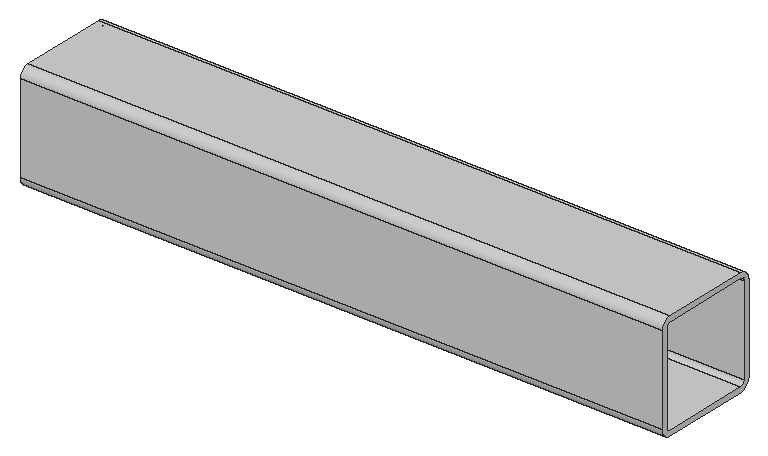
Revit family "56974134f3434c1fa55671c25aae8b07", category Structural Framing, Revit 2019
Family settings
  Structural Framing Length Roundoff = 0' - 0"
  Section Shape = Not Defined
  Material for Model Behavior = Steel
  Always export as geometry = No
  OmniClass Number = 23.25.30.11.14.14
  OmniClass Title = Beams
  Seek Item ID = HSS-Hollow Structural Section-0000-USA-ENU
  Always vertical = Yes
  Cut with Voids When Loaded = No
  Symbolic Representation = From Project Settings
  Shared = No
  Show family pre-cut in plan views = Yes
Parameters (values of type "HSS8X8X.375")
  W = 37.6
  Structural Material [instance] = Steel ASTM A500, Grade B, Rectangular and Square
  Assembly Code = "B10"
  Ht = 0' - 8"
  Length [instance] = 5' - 0"
  Shape = "Square"
  b = 0' - 8"
  kr = 2 * t  # 0' - 0 89/128"
  t = 0' - 0 89/256"
  A = 10.40 in²
Reference planes (in)
  plane 1 "Center (Front/Back)": y = 0
  plane 2: z = 0
  plane 3 "Center (Left/Right)": x = 0.1815
  plane 4 "Member Left": x = -23.8185
  plane 5 "Member Right": x = 24.1815
  plane 6: y = 4
  plane 7: y = -4
  plane 8 "Top": z = 4
  plane 9: z = -4
  plane 10 "Left": x = -29.8185
  plane 11 "Right": x = 30.1815
Forms (in)
  Sweep 1, solid, material "Steel ASTM A500, Grade B, Rectangular and Square" <- "Structural Material", detail levels fine
    path origin (0, 0, 0) x (1, 0, 0) y (0, 1, 0)
      loop
        line (24.1815, 0) -> (-23.8185, 0)
    profile "Hollow-Structural-Section-Profile-Fine : Hollow-Structural-Section-Profile-Fine" origin (0.1815, 0, 0) x (0, -1, 0) y (0, 0, 1)
      loop
        arc (-3.30469, 3.65234) -> (-3.55052, 3.55052) -> (-3.65234, 3.30469) r 0.34766
        line (-3.65234, 3.30469) -> (-3.65234, -3.30469)
        arc (-3.65234, -3.30469) -> (-3.55052, -3.55052) -> (-3.30469, -3.65234) r 0.34766
        line (-3.30469, -3.65234) -> (3.30469, -3.65234)
        arc (3.30469, -3.65234) -> (3.55052, -3.55052) -> (3.65234, -3.30469) r 0.34766
        line (3.65234, -3.30469) -> (3.65234, 3.30469)
        arc (3.65234, 3.30469) -> (3.55052, 3.55052) -> (3.30469, 3.65234) r 0.34766
        line (3.30469, 3.65234) -> (-3.30469, 3.65234)
      loop
        arc (-4, -3.30469) -> (-3.79635, -3.79635) -> (-3.30469, -4) r 0.69531
        line (-3.30469, -4) -> (3.30469, -4)
        arc (3.30469, -4) -> (3.79635, -3.79635) -> (4, -3.30469) r 0.69531
        line (4, -3.30469) -> (4, 3.30469)
        arc (4, 3.30469) -> (3.79635, 3.79635) -> (3.30469, 4) r 0.69531
        line (3.30469, 4) -> (-3.30469, 4)
        arc (-3.30469, 4) -> (-3.79635, 3.79635) -> (-4, 3.30469) r 0.69531
        line (-4, 3.30469) -> (-4, -3.30469)
  Sweep 2, solid, material "Steel ASTM A500, Grade B, Rectangular and Square" <- "Structural Material", detail levels medium
    path origin (0, 0, 0) x (1, 0, 0) y (0, 1, 0)
      loop
        line (24.1815, 0) -> (-23.8185, 0)
    profile "Hollow-Structural-Section-Profile-Medium : Hollow-Structural-Section-Profile-Medium" origin (0.1815, 0, 0) x (0, -1, 0) y (0, 0, 1)
      loop
        line (-3.65234, 3.65234) -> (-3.65234, -3.65234) -> (3.65234, -3.65234) -> (3.65234, 3.65234) -> (-3.65234, 3.65234)
      loop
        line (-4, -4) -> (4, -4) -> (4, 4) -> (-4, 4) -> (-4, -4)
Lines and regions (in)
  symbolic lines, style "Hidden Faces", detail levels medium+fine
    curve 1: line (-23.8185, 0, 3.65234) -> (24.1815, 0, 3.65234)
    curve 2: line (-23.8185, 0, -3.65234) -> (24.1815, 0, -3.65234)
    curve 7: line (24.1815, -3.65234, 0) -> (-23.8185, -3.65234, 0)
    curve 8: line (24.1815, 3.65234, 0) -> (-23.8185, 3.65234, 0)
  symbolic lines, style "Stick Symbols", detail levels coarse
    curve 3: line (0.1815, -4, -4) -> (0.1815, 4, -4)
    curve 4: line (0.1815, 4, -4) -> (0.1815, 4, 4)
    curve 5: line (0.1815, 4, 4) -> (0.1815, -4, 4)
    curve 6: line (0.1815, -4, 4) -> (0.1815, -4, -4)
Dimensions and locks (in)
  "b": plane 6 to plane 7
  "Ht": plane 9 to plane 8 "Top"
  equal spacing: plane 9, plane 2, plane 8 "Top"
  equal spacing: plane 6, plane 1 "Center (Front/Back)", plane 7
  "t": plane 8 "Top" to curve 1
  "t": curve 2 to plane 9
  "Length": plane 10 "Left" to plane 11 "Right"
  "t": plane 6 to curve 8
  "t": curve 7 to plane 7
  aligned and locked: Sweep 1 sketch curve to plane 1 "Center (Front/Back)"
  aligned and locked: Sweep 2 sketch curve to plane 1 "Center (Front/Back)"
  aligned and locked: curve 6 to Sweep 2
  aligned and locked: curve 4 to Sweep 2
  aligned and locked: curve 5 to Sweep 2
  aligned and locked: curve 3 to Sweep 2
  aligned and locked: plane 4 "Member Left" to Sweep 2 sketch curve
  aligned and locked: plane 5 "Member Right" to Sweep 2 sketch curve
  aligned and locked: plane 4 "Member Left" to Sweep 1 sketch curve
  aligned and locked: plane 5 "Member Right" to Sweep 1 sketch curve
  aligned and locked: plane 4 "Member Left" to curve 8
  aligned and locked: plane 4 "Member Left" to curve 7
  aligned and locked: plane 5 "Member Right" to curve 8
  aligned and locked: plane 5 "Member Right" to curve 7
Automatic sketch dimensions
  plane 4 "Member Left" to curve 2 = 0' - 0"
  plane 4 "Member Left" to curve 1 = 0' - 0"
  plane 5 "Member Right" to curve 2 = 0' - 0"
  plane 5 "Member Right" to curve 1 = 0' - 0"
